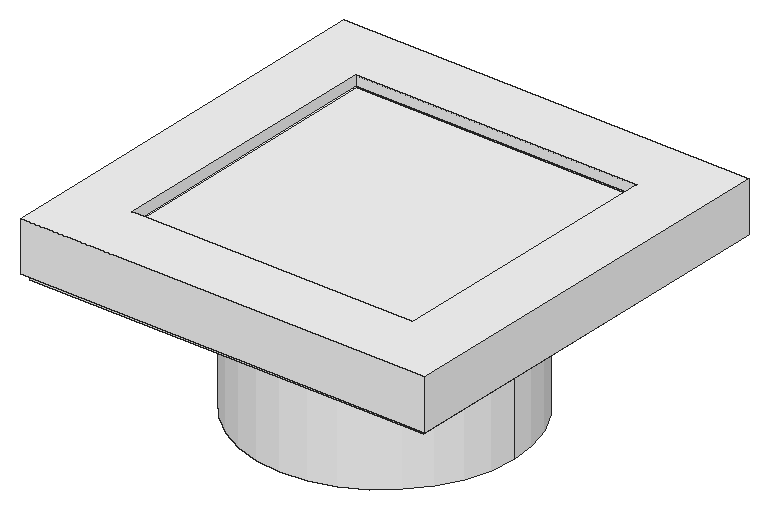
Revit family "Gira_012627", category Electrical Fixtures, host Face, Revit 2017
Family settings
  Host = Face
  Maintain Annotation Orientation = Yes
  Round Connector Dimension = Use Diameter
  Part Type = Normal
  Cut with Voids When Loaded = No
  Shared = No
  Room Calculation Point = No
Parameters (values of type "PB sw. off/2-way System 55 p.white m")
  With mounting plate = "No"
  Wiring system = "Two-way switch"
  White [instance] = White
  Washing machine switch = "No"
  URL = "http://katalog.gira.de/en/datenblatt.html?artikelnr=012627"
  Type of fastening = "Mounting with claw and screw"
  Surface protection = "Other"
  Surface finishing = "Matt"
  Suitable for degree of protection (IP) = "IP20"
  Rated current = "10"
  RAL-number (akin) = "9010"
  Push button switch = "Yes"
  Number of rockers = "1"
  Number of modules (module system) = "1"
  Nominal voltage = "250"
  Name = "PB sw. off/2-way System 55 p.white m"
  Mounting method = "Flush mounted (plaster)"
  Model = ""
  Method of operation = "Rocker/button"
  Material quality = "Thermoplastic"
  Material = "Plastic"
  Manufacturer URL = "https://www.gira.de/"
  Manufacturer = "Gira"
  Label space/information surface = "No"
  Illumination = "No"
  HeinzeBIM = "https://bimportal.heinze.de/bim/pb-sw-off-2-way-system-55-p-white-m/11ee9b2e23b0acd12047d7921ea856fba2c467cb"
  Halogen free = "Yes"
  HAN = "012627"
  GTIN = "4010337126270"
  Feedback-signal contact = "No"
  Description = "PB sw.off 2-w Sys55 PWm,Pushbutton switch 10 AX 250 V~ with rocker,Universal off 2-way switch,pure white matt,"
  Default Elevation = 1219.2 mm
  Data sheet (1) = "https://katalog.gira.de/en/download.html?artikelnr=012627"
  Connection type = "Plug clamp"
  Colour = "White"
  Category = "Switch"
  BIM (1) = "https://media.stage.bim.site/public/gira/36a6b08/Sys55_Komplettgerät_Schalten und Tasten.rfa?public/gira/36a6b08/Sys55_Komplettgerät_Schalten und Tasten.rfa"
  Available = "No"
  Assembly arrangement = "Basic element with central cover plate"
Reference planes
  plane 1 "Center (Front/Back)": y = 0
  plane 2: z = 0
  plane 3 "Center (Left/Right)": x = 0
Forms (mm)
  Extrusion 1, solid, material "White" <- "White", detail levels medium
    sketch origin (0, 0, 0) x (1, 0, 0) y (0, 1, 0)
      loop
        line (-40.4, 40.4) -> (-40.4, -40.4) -> (40.4, -40.4) -> (40.4, 40.4) -> (-40.4, 40.4)
      loop
        line (-28, 28) -> (-28, -28) -> (28, -28) -> (28, 28) -> (-28, 28)
    from 0 to 10
  Extrusion 2, solid, material "White" <- "White", detail levels fine
    sketch origin (0, 0, 0) x (1, 0, 0) y (0, 1, 0)
      loop
        line (-40.4, 40.4) -> (-40.4, -40.4) -> (40.4, -40.4) -> (40.4, 40.4) -> (-40.4, 40.4)
      loop
        line (-28, 28) -> (-28, -28) -> (28, -28) -> (28, 28) -> (-28, 28)
    from 0 to 10
  Extrusion 3, void
    sketch origin (0, 0, 0) x (1, 0, 0) y (0, 1, 0)
      loop
        line (-38.4, 38.4) -> (-38.4, -38.4) -> (38.4, -38.4) -> (38.4, 38.4) -> (-38.4, 38.4)
    from 0 to 8
  Extrusion 4, solid, material "White" <- "White", detail levels medium+fine
    sketch origin (0, 0, 0) x (1, 0, 0) y (0, 1, 0)
      loop
        line (-39.4, 39.4) -> (-39.4, -39.4) -> (39.4, -39.4) -> (39.4, 39.4) -> (-39.4, 39.4)
    from 0 to -1
  Extrusion 5, solid, material "White" <- "White", detail levels medium+fine
    sketch origin (0, 0, 0) x (1, 0, 0) y (0, 1, 0)
      loop
        line (-35.5, 35.5) -> (-35.5, -35.5) -> (35.5, -35.5) -> (35.5, 35.5) -> (-35.5, 35.5)
    from -2 to -3
  Extrusion 6, solid, material "White" <- "White", detail levels medium+fine
    sketch origin (0, 0, 0) x (1, 0, 0) y (0, 1, 0)
      loop
        circle (0, 0) r 26
    from 0 to -27.5
  Extrusion 7, solid, material "White" <- "White", detail levels coarse
    sketch origin (0, 0, 0) x (1, 0, 0) y (0, 1, 0)
      loop
        line (-40.4, 40.4) -> (-40.4, -40.4) -> (40.4, -40.4) -> (40.4, 40.4) -> (-40.4, 40.4)
    from -27.5 to 10
Cuts and joins
  Extrusion 3 cuts Extrusion 2
Dimensions and locks
  aligned and locked: plane 2 to host face
  aligned and locked: level to host face
  aligned and locked: plane 3 "Center (Left/Right)" to nested 2
  aligned and locked: plane 1 "Center (Front/Back)" to nested 2
Nested families
  nested 1: "Sys55_Abdeckung_Schalten und Tasten_floor_base" at (0, 0, 0), type "Sys55_Abdeckung_Schalten und Tasten_floor_base"
  nested 2: "Schalter" at (0, 0, 0), type "Schalter"
Connectors
  electrical at (0, 0, -27.5)
    settings: on Extrusion 6, index 1, voltage 220 V, apparent load 0 VA, apparent load phase1 0 VA, apparent load phase2 0 VA, apparent load phase3 0 VA, power factor 1, load classification "Other", number of poles 1, system type 30, power factor state 1, is connector primary yes, connector utility no, sub classification motor no, connector description ""
Definition of nested family "Sys55_Abdeckung_Schalten und Tasten_floor_base"
  Parameters
    Default Elevation = 1219.2 mm
    White [instance] = none
  Reference planes
    plane 1 "Center (Front/Back)": y = 0
    plane 2: z = 0
    plane 3 "Center (Left/Right)": x = 0
  Forms (mm)
    Extrusion 1, solid
      sketch origin (0, 0, 0) x (1, 0, 0) y (0, 1, 0)
        loop
          line (-1219.2, 1219.2) -> (-1219.2, -1219.2) -> (1219.2, -1219.2) -> (1219.2, 1219.2) -> (-1219.2, 1219.2)
      from 0 to -304.8
    Extrusion 2, solid, material <- "White", detail levels fine
      sketch origin (0, 0, 0) x (1, 0, 0) y (0, 1, 0)
        loop
          line (-27.5, 27.5) -> (-27.5, -27.5) -> (27.5, -27.5) -> (27.5, 27.5) -> (-27.5, 27.5)
      from 0 to 8
    Extrusion 3, void
      sketch origin (0, 0, 0) x (1, 0, 0) y (0, 1, 0)
        loop
          line (26, 26) -> (-26, 26) -> (-26, -26) -> (26, -26) -> (26, 26)
      from 0 to 6
    Extrusion 4, solid, material <- "White", detail levels medium
      sketch origin (0, 0, 0) x (1, 0, 0) y (0, 1, 0)
        loop
          line (-27.5, 27.5) -> (-27.5, -27.5) -> (27.5, -27.5) -> (27.5, 27.5) -> (-27.5, 27.5)
      from 0 to 8
    Extrusion 5, solid, material <- "White", detail levels medium
      sketch origin (0, 0, 0) x (1, 0, 0) y (0, 1, 0)
        loop
          line (11, -17.5) -> (11, 17.5) -> (-11, 17.5) -> (-11, -17.5) -> (11, -17.5)
      from -6 to 6
    Extrusion 6, solid, material <- "White", detail levels fine
      sketch origin (0, 0, 0) x (1, 0, 0) y (0, 1, 0)
        loop
          line (11, 17.5) -> (-11, 17.5) -> (-11, 16.5) -> (11, 16.5) -> (11, 17.5)
        loop
          line (-11, -16.5) -> (-11, -17.5) -> (11, -17.5) -> (11, -16.5) -> (-11, -16.5)
      from -4 to 6
    Extrusion 7, solid, material <- "White", detail levels fine
      sketch origin (0, 0, 0) x (1, 0, 0) y (0, 1, 0)
        loop
          arc (5, 9.347) -> (0, 10.6) -> (-5, 9.347) r 10.6
          line (-5, 9.347) -> (-5, -9.347)
          arc (-5, -9.347) -> (0, -10.6) -> (5, -9.347) r 10.6
          line (5, -9.347) -> (5, 9.347)
      from -6 to 6
    Extrusion 8, solid, material <- "White", detail levels coarse
      sketch origin (0, 0, 0) x (1, 0, 0) y (0, 1, 0)
        loop
          line (-27.5, 27.5) -> (-27.5, -27.5) -> (27.5, -27.5) -> (27.5, 27.5) -> (-27.5, 27.5)
      from -6 to 8
  Cuts and joins
    Extrusion 3 cuts Extrusion 2
  Dimensions and locks
    aligned and locked: plane 2 to Extrusion 1
    aligned and locked: level to Extrusion 1
Definition of nested family "Schalter"
  Reference planes
    plane 1: y = 0
    plane 2: x = 0
  Lines and regions (mm)
    detail lines
      curve 1: circle (1.375, 2.778, 0) r 0.8 normal (0, 0, 1)
      curve 2: line (1.021, 2.061, 0) -> (0, 0, 0)
      curve 3: line (0, 0, 0) -> (-0.538, 0.266, 0)
  Dimensions and locks
    curve 2 to curve 2 = 2.3 mm
    curve 3 to curve 2 = 0.6 mm
    radius of curve 1 = 0.8 mm
